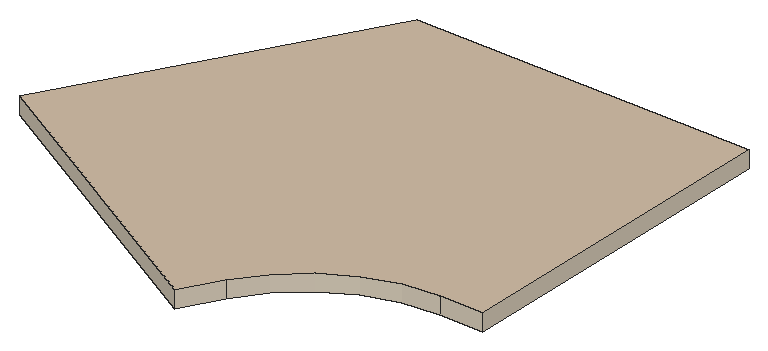
Revit family "M_Sistema de mobiliário-superfície de trabalho-120 graus", category Sistema de mobiliário, Revit 2019
Family settings
  Cota do conector redondo = Utilizar diâmetro
  Tipo de parte = Normal
  Número OmniClass = 23.40.70.14.64.21
  Título OmniClass = Systems Furniture
  Com base no plano de trabalho = Não
  Sempre na vertical = Sim
  Corte com vazios quando carregada = Não
  Compartilhado = Não
  Ponto de cálculo do ambiente = Não
Parameters (values of type "600 x 600mm")
  Material da superfície de trabalho [instance] = Laminado plástico – Carvalho branco
  Comentários de tipos = "Superfície de trabalho 120 graus de 600 x 600 mm"
  Espessura = 30 mm
  Largura = 600 mm
  Model = ""
  Manufacturer = ""
  Altura = 750 mm
  Material da aresta [instance] = Laminado plástico – Bege – Claro – Suave
  Description = ""
  Linear = 600 mm
Reference planes
  plane 1 "Centro F/T": y = 0
  plane 2: z = 0
  plane 3 "Centro E/D": x = 0
  plane 4 "Parte frontal": y = -600
  plane 5 "Direita": x = 600
  plane 6 "Superior": z = 750
  plane 7 "Inferior": z = 720
Forms (mm)
  Extrusion 1, solid, material "Laminado plástico – Carvalho branco" <- "Material da superfície de trabalho"
    sketch origin (330.2, -279.4, 0) x (1, 0, 0) y (0, 1, 0)
      loop
        line (-330.2, 279.4) -> (-630.2, -240.215) -> (-110.585, -540.215) -> (-71.778, -473)
        arc (-71.778, -473) -> (39.787, -361.435) -> (192.187, -320.6) r 304.8
        line (192.187, -320.6) -> (269.8, -320.6) -> (269.8, 279.4) -> (-330.2, 279.4)
    from 720 to 750
Lines and regions (mm)
  Masking region 1
    outline origin (533.4, -203.2, 0) x (1, 0, 0) y (0, 1, 0)
      loop
        line (-533.4, 203.2) -> (-833.4, -316.415) -> (-313.785, -616.415) -> (-274.978, -549.2)
        arc (-274.978, -549.2) -> (-163.413, -437.635) -> (-11.013, -396.8) r 304.8
        line (-11.013, -396.8) -> (66.6, -396.8) -> (66.6, 203.2) -> (-533.4, 203.2)
  reference lines
    curve 1: line (0, 0, 0) -> (-300, -519.615, 0)
    curve 2: line (-300, -519.615, 0) -> (219.615, -819.615, 0)
    curve 3: line (219.615, -819.615, 0) -> (524.415, -291.686, 0)
Dimensions and locks
  "Largura": plane 3 "Centro E/D" to plane 5 "Direita"
  "Linear": plane 4 "Parte frontal" to plane 1 "Centro F/T"
  "Espessura": plane 6 "Superior" to plane 7 "Inferior"
  "Largura": curve 1 to curve 1
  "Linear": curve 1 to curve 3
  "Altura": plane 6 "Superior" to plane 2
  radius of Extrusion 1 sketch curve = 304.8 mm
  locked: curve 1 to plane 1 "Centro F/T" (angle 120.00°)
  locked: curve 2 to curve 1 (angle 90.00°)
  locked: curve 3 to curve 2 (angle 90.00°)
  aligned and locked: level to plane 2
  aligned and locked: plane 6 "Superior" to Extrusion 1
  aligned and locked: Extrusion 1 to plane 7 "Inferior"
  aligned and locked: plane 1 "Centro F/T" to Extrusion 1 sketch curve
  aligned and locked: plane 5 "Direita" to Extrusion 1 sketch curve  (x2)
  aligned and locked: plane 4 "Parte frontal" to Extrusion 1 sketch curve
  aligned and locked: Extrusion 1 sketch curve to curve 1
  aligned and locked: Extrusion 1 sketch curve to curve 2
  aligned and locked: Extrusion 1 sketch curve to curve 3
  aligned and locked: plane 1 "Centro F/T" to Masking region 1 sketch curve
  aligned and locked: plane 4 "Parte frontal" to Masking region 1 sketch curve
  aligned and locked: plane 5 "Direita" to Masking region 1 sketch curve  (x2)
  aligned and locked: Masking region 1 sketch curve to Extrusion 1  (x4)
Automatic sketch dimensions
  plane 1 "Centro F/T" to curve 1 = 0 mm
  curve 1 to plane 3 "Centro E/D" = 0 mm
  Extrusion 1 sketch curve to plane 4 "Parte frontal" = 152.4 mm
  Masking region 1 sketch curve to plane 4 "Parte frontal" = 152.4 mm
Types in the file's own list only (5): name | Comentários de tipos | Largura
  750 x 600mm | "Superfície de trabalho 120 graus de 750 x 600 mm" | 750 mm
  900 x 600mm | "Superfície de trabalho 120 graus de 900 x 600 mm" | 900 mm
  1050 x 600mm | "Superfície de trabalho 120 graus de 1050 x 600 mm" | 1050 mm
  1200 x 600mm | "Superfície de trabalho 120 graus de 1200 x 600 mm" | 1200 mm
  1500 x 600mm | "Superfície de trabalho 120 graus de 1500 x 600 mm" | 1500 mm
